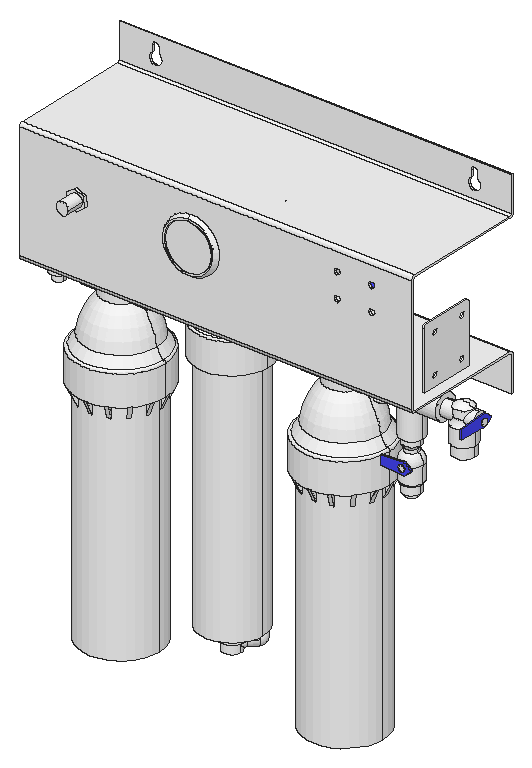
Revit family "QF-Water_Processor-OptiPure-BWS100", category Specialty Equipment, Revit 2017
Family settings
  Round Connector Dimension = Use Diameter
  Part Type = Normal
  OmniClass Number = 23.40.40.14
  OmniClass Title = Food Service Equipment
  Work Plane-Based = No
  Always vertical = Yes
  Cut with Voids When Loaded = No
  Shared = No
  Room Calculation Point = No
Parameters (values of type "BWS100")
  Width = 5.92969"
  Weight in Pounds = 25
  URL = "WWW.OPTIPUREWATER.COM"
  Type Comments = "BLENDED WATER REVERSE OSMOSIS"
  Show Clearance [instance] = yes
  Model = "164-00100 - BWS100 SYS"
  Material = Plastic
  Manufacturer = "OPTIPURE"
  Length = 18.26172"
  Keynote = "11400"
  Indirect Waste Size = 1/4"
  Indirect Waste Flow = 2 GPM
  Height = 20.21875"
  Filtered Water Supply Size = 3/8"
  Filtered Water Flow = 0.05 GPM
  Feed Temperature Range = "40-100° F"
  Cold Water Size = 3/8"
  Cold Water Minimum Pressure = 50.00 psi
  Cold Water Maximum Pressure = 85.00 psi
  Body Material = Mounting
  Description = "WATER FILTRATION SYSTEM"
  Clearance Material = Clearance
  Assembly Code = "E1090300"
Reference planes (in)
  plane 1 "Center (Front/Back)": y = 0
  plane 2: z = 0
  plane 3 "Center (Left/Right)": x = 0
  plane 4: x = -8.90625
  plane 5: x = 9.35375
  plane 6 "Front": y = -5.93
  plane 7: z = 23.21875
  plane 8: z = 3
Forms (in)
  Extrusion 1, solid, material "Plastic" <- "Material", not visible
    sketch origin (-22.52026, -6.16692, 0) x (0, -1, 0) y (0, 0, 1)
      loop
        line (-2.02602, 11.22289) -> (-2.38405, 11.22289) -> (-2.38405, 10.47289) -> (-2.02602, 11.22289)
    from -6.84938 to -6.71859
  Extrusion 2, solid, material "Mounting" <- "Body Material"
    sketch origin (1.57341, -0.75, 11.85447) x (0, 1, 0) y (0, 0, 1)
      loop
        line (-0.54289, 7.35434) -> (-0.42523, 7.31214)
        arc (-0.42523, 7.31214) -> (-0.48129, 8.57875) -> (-1.40955, 9.44234) r 1.67301
        line (-1.40955, 9.44234) -> (-1.40955, 9.71318) -> (-0.85486, 9.71318) -> (-0.85486, 9.81474) -> (-3.14514, 9.81474) -> (-3.14514, 9.71318) -> (-2.59045, 9.71318) -> (-2.59045, 9.44234)
        arc (-2.59045, 9.44234) -> (-3.51871, 8.57875) -> (-3.57477, 7.31214) r 1.67301
        line (-3.57477, 7.31214) -> (-3.45711, 7.35434)
        arc (-3.45711, 7.35434) -> (-2, 9.425) -> (-0.54289, 7.35434) r 1.54801
      loop
        line (-1.51111, 9.47697) -> (-1.51111, 9.71318) -> (-2.48889, 9.71318) -> (-2.48889, 9.47697)
        arc (-2.48889, 9.47697) -> (-2, 9.55) -> (-1.51111, 9.47697) r 1.67301
    from -0.80957 to 0.16991
  Extrusion 3, solid, material "Mounting" <- "Body Material"
    sketch origin (16.84879, 0.125, 42.49672) x (0, 0, -1) y (0, 1, 0)
      loop
        line (20.90954, -5.255) -> (25.64391, -5.255)
        arc (25.64391, -5.255) -> (25.73782, -5.2161) -> (25.77672, -5.12219) r 0.13281
        line (25.77672, -5.12219) -> (25.77672, -0.25781)
        arc (25.77672, -0.25781) -> (25.80075, -0.19981) -> (25.85875, -0.17578) r 0.08203
        line (25.85875, -0.17578) -> (27.27797, -0.17578) -> (27.27797, -0.125) -> (25.85875, -0.125)
        arc (25.85875, -0.125) -> (25.76484, -0.1639) -> (25.72594, -0.25781) r 0.13281
        line (25.72594, -0.25781) -> (25.72594, -5.12219)
        arc (25.72594, -5.12219) -> (25.70192, -5.18019) -> (25.64391, -5.20422) r 0.08203
        line (25.64391, -5.20422) -> (20.90954, -5.20422)
        arc (20.90954, -5.20422) -> (20.85153, -5.18019) -> (20.8275, -5.12219) r 0.08203
        line (20.8275, -5.12219) -> (20.8275, -0.25895)
        arc (20.8275, -0.25895) -> (20.78827, -0.16423) -> (20.69355, -0.125) r 0.13395
        line (20.69355, -0.125) -> (19.27797, -0.125) -> (19.27797, -0.17578) -> (20.69355, -0.17578)
        arc (20.69355, -0.17578) -> (20.75236, -0.20014) -> (20.77672, -0.25895) r 0.08317
        line (20.77672, -0.25895) -> (20.77672, -5.12219)
        arc (20.77672, -5.12219) -> (20.81562, -5.2161) -> (20.90954, -5.255) r 0.13281
    from -24.84879 to -8.84879
  Extrusion 4, void
    sketch origin (0, 0, 3.51687) x (1, 0, 0) y (0, 0, 1)
      loop
        arc (6.62522, 19.33718) -> (6.50006, 19.46233) -> (6.37491, 19.33718) r 0.12515
        line (6.37491, 19.33718) -> (6.37491, 19.05325)
        arc (6.37491, 19.05325) -> (6.49993, 18.58621) -> (6.62522, 19.05318) r 0.25027
        line (6.62522, 19.05318) -> (6.62522, 19.33718)
      loop
        line (-6.62522, 19.33718) -> (-6.62522, 19.05318)
        arc (-6.62522, 19.05318) -> (-6.49993, 18.58621) -> (-6.37491, 19.05325) r 0.25027
        line (-6.37491, 19.05325) -> (-6.37491, 19.33718)
        arc (-6.37491, 19.33718) -> (-6.50006, 19.46233) -> (-6.62522, 19.33718) r 0.12515
      loop
        arc (1.12522, 12.7041) -> (1.00006, 12.82925) -> (0.87491, 12.7041) r 0.12515
        line (0.87491, 12.7041) -> (0.87491, 12.42017)
        arc (0.87491, 12.42017) -> (0.99993, 11.95312) -> (1.12522, 12.4201) r 0.25027
        line (1.12522, 12.4201) -> (1.12522, 12.7041)
    from 0 to 0.05078
  Revolve 5, solid, material "Mounting" <- "Body Material"
    sketch origin (1.94841, -2.75, 12.11405) x (1, 0, 0) y (0, 0, 1)
      loop
        line (-1.84673, 8.91345) -> (-1.84673, 7.62699) -> (1.20435, 7.62699) -> (1.20435, 8.62395)
        arc (1.20435, 8.62395) -> (1.16774, 8.71234) -> (1.07935, 8.74895) r 0.125
        line (1.07935, 8.74895) -> (0.60037, 8.74895)
        arc (0.60037, 8.74895) -> (0.55186, 8.86605) -> (0.43477, 8.91455) r 0.1656
        arc (0.43477, 8.91455) -> (0.36187, 9.09055) -> (0.18587, 9.16345) r 0.2489
        line (0.18587, 9.16345) -> (-1.59673, 9.16345)
        arc (-1.59673, 9.16345) -> (-1.77351, 9.09023) -> (-1.84673, 8.91345) r 0.25
      axis (1.20435, 7.62699) -> (-1.84673, 7.62699)
    angle from 0 to 360
  Extrusion 6, solid, material "Mounting" <- "Body Material"
    sketch origin (1.94841, -0.75, 12.11405) x (0, 1, 0) y (0, 0, 1)
      loop
        line (-2.06846, 8.61449) -> (-1.94525, 8.61449) -> (-1.94525, 9.12953)
        arc (-1.94525, 9.12953) -> (-2.00685, 9.13079) -> (-2.06846, 9.12953) r 1.5
        line (-2.06846, 9.12953) -> (-2.06846, 8.61449)
      loop
        line (-1.64475, 8.5509) -> (-1.53309, 8.49883) -> (-1.31543, 8.96561)
        arc (-1.31543, 8.96561) -> (-1.37072, 8.99279) -> (-1.42709, 9.01768) r 1.5
        line (-1.42709, 9.01768) -> (-1.64475, 8.5509)
      loop
        line (-1.28763, 8.3142) -> (-1.20843, 8.21982) -> (-0.81389, 8.55088)
        arc (-0.81389, 8.55088) -> (-0.85252, 8.59889) -> (-0.89308, 8.64526) r 1.5
        line (-0.89308, 8.64526) -> (-1.28763, 8.3142)
      loop
        line (-1.06399, 7.94875) -> (-1.0321, 7.82975) -> (-0.53461, 7.96305)
        arc (-0.53461, 7.96305) -> (-0.54933, 8.02288) -> (-0.5665, 8.08205) r 1.5
        line (-0.5665, 8.08205) -> (-1.06399, 7.94875)
      loop
        line (-1.01575, 7.52303) -> (-1.03714, 7.4017) -> (-0.52993, 7.31226)
        arc (-0.52993, 7.31226) -> (-0.51799, 7.37271) -> (-0.50854, 7.4336) r 1.5
        line (-0.50854, 7.4336) -> (-1.01575, 7.52303)
      loop
        line (-1.15195, 7.11681) -> (-1.22262, 7.01589) -> (-0.80072, 6.72047)
        arc (-0.80072, 6.72047) -> (-0.76435, 6.77021) -> (-0.73005, 6.8214) r 1.5
        line (-0.73005, 6.8214) -> (-1.15195, 7.11681)
      loop
        line (-1.44706, 6.80621) -> (-1.55376, 6.74461) -> (-1.29624, 6.29857)
        arc (-1.29624, 6.29857) -> (-1.24226, 6.32827) -> (-1.18954, 6.36017) r 1.5
        line (-1.18954, 6.36017) -> (-1.44706, 6.80621)
      loop
        line (-2.36895, 8.5509) -> (-2.58662, 9.01768)
        arc (-2.58662, 9.01768) -> (-2.64298, 8.99279) -> (-2.69828, 8.96561) r 1.5
        line (-2.69828, 8.96561) -> (-2.48061, 8.49883) -> (-2.36895, 8.5509)
      loop
        line (-2.72608, 8.3142) -> (-3.12062, 8.64526)
        arc (-3.12062, 8.64526) -> (-3.16119, 8.59889) -> (-3.19982, 8.55088) r 1.5
        line (-3.19982, 8.55088) -> (-2.80527, 8.21982) -> (-2.72608, 8.3142)
      loop
        line (-2.94972, 7.94875) -> (-3.44721, 8.08205)
        arc (-3.44721, 8.08205) -> (-3.46437, 8.02288) -> (-3.4791, 7.96305) r 1.5
        line (-3.4791, 7.96305) -> (-2.98161, 7.82975) -> (-2.94972, 7.94875)
      loop
        line (-2.99796, 7.52303) -> (-3.50517, 7.4336)
        arc (-3.50517, 7.4336) -> (-3.49572, 7.37271) -> (-3.48378, 7.31226) r 1.5
        line (-3.48378, 7.31226) -> (-2.97656, 7.4017) -> (-2.99796, 7.52303)
      loop
        line (-2.86176, 7.11681) -> (-3.28365, 6.8214)
        arc (-3.28365, 6.8214) -> (-3.24936, 6.77021) -> (-3.21299, 6.72047) r 1.5
        line (-3.21299, 6.72047) -> (-2.79109, 7.01589) -> (-2.86176, 7.11681)
      loop
        line (-2.56664, 6.80621) -> (-2.82416, 6.36017)
        arc (-2.82416, 6.36017) -> (-2.77145, 6.32827) -> (-2.71747, 6.29857) r 1.5
        line (-2.71747, 6.29857) -> (-2.45995, 6.74461) -> (-2.56664, 6.80621)
      loop
        line (-2.06846, 6.63971) -> (-2.06846, 6.12467)
        arc (-2.06846, 6.12467) -> (-2.00685, 6.1234) -> (-1.94525, 6.12467) r 1.5
        line (-1.94525, 6.12467) -> (-1.94525, 6.63971) -> (-2.06846, 6.63971)
    from 0 to 1.20713
  Revolve 7, void
    sketch origin (1.94841, -2.74564, 12.11405) x (1, 0, 0) y (0, 0, 1)
      loop
        line (1.23407, 9.16034) -> (0.93369, 9.16034)
        arc (0.93369, 9.16034) -> (1.14609, 9.07236) -> (1.23407, 8.85995) r 0.30038
        line (1.23407, 8.85995) -> (1.23407, 9.16034)
      axis (1.23407, 7.6271) -> (0.93369, 7.6271)
    angle from 0 to 360
  Extrusion 8, solid, material "Mounting" <- "Body Material"
    sketch origin (1.9442, -0.79688, 12.08009) x (0, 1, 0) y (0, 0, 1)
      loop
        line (-1.44233, 8.43523) -> (-1.9253, 8.56464) -> (-2.27885, 8.21109) -> (-2.14944, 7.72813) -> (-1.66648, 7.59872) -> (-1.31292, 7.95227) -> (-1.44233, 8.43523)
    from 1.20713 to 1.40425
  Revolve 9, solid, material "Mounting" <- "Body Material"
    sketch origin (1.9442, -2.578, 13.19284) x (1, 0, 0) y (0, 0, 1)
      loop
        line (1.51419, 6.96604) -> (1.51419, 7.13669) -> (1.45422, 7.13669) -> (1.45422, 7.08173) -> (1.40425, 7.08173) -> (1.40425, 6.96604) -> (1.51419, 6.96604)
      axis (1.40425, 6.96604) -> (1.51419, 6.96604)
    angle from 0 to 360
  Extrusion 10, solid, material "Mounting" <- "Body Material"
    sketch origin (1.9442, -1.14453, 11.20295) x (0, 1, 0) y (0, 0, 1)
      loop
        line (-1.44233, 8.43523) -> (-1.9253, 8.56464) -> (-2.27885, 8.21109) -> (-2.14944, 7.72813) -> (-1.66648, 7.59872) -> (-1.31292, 7.95227) -> (-1.44233, 8.43523)
    from 1.20713 to 1.40425
  Revolve 11, solid, material "Mounting" <- "Body Material"
    sketch origin (1.9442, -2.93645, 12.30379) x (1, 0, 0) y (0, 0, 1)
      loop
        line (1.51419, 6.96604) -> (1.51419, 7.13669) -> (1.45422, 7.13669) -> (1.45422, 7.09104) -> (1.40425, 7.09104) -> (1.40425, 6.96604) -> (1.51419, 6.96604)
      axis (1.40425, 6.96604) -> (1.51419, 6.96604)
    angle from 0 to 360
  Revolve 12, solid, material "Plastic" <- "Material"
    sketch origin (12.44784, -3.12266, 5.47904) x (1, 0, 0) y (0, 0, 1)
      loop
        line (-6.06595, 9.48579) -> (-6.40275, 9.48579)
        arc (-6.40275, 9.48579) -> (-6.32797, 9.28444) -> (-6.30257, 9.07116) r 0.90815
        line (-6.30257, 9.07116) -> (-6.36949, 9.07116) -> (-6.36949, 9.02392) -> (-6.42656, 9.02392) -> (-6.42656, 8.75806) -> (-6.3221, 8.62115) -> (-6.32627, 8.47933)
        arc (-6.32627, 8.47933) -> (-6.48073, 8.29859) -> (-6.51822, 8.06381) r 0.43873
        line (-6.51822, 8.06381) -> (-6.51822, 7.39967)
        arc (-6.51822, 7.39967) -> (-6.48252, 7.35745) -> (-6.43069, 7.3382) r 0.10892
        line (-6.43069, 7.3382) -> (-6.43069, 7.00309) -> (-6.32123, 7.00309) -> (-6.32123, 6.85421) -> (-6.06595, 6.85421) -> (-6.06595, 9.48579)
      axis (-6.06595, 6.85421) -> (-6.06595, 9.48579)
    angle from 0 to 360
  Revolve 13, solid, material "Plastic" <- "Material"
    sketch origin (14.60832, -3.12266, 6.73331) x (1, 0, 0) y (0, 0, 1)
      loop
        line (-6.39115, 7.77109) -> (-6.09583, 7.77109) -> (-6.09583, 9.76617)
        arc (-6.09583, 9.76617) -> (-6.30926, 9.71458) -> (-6.48219, 9.57926) r 0.51841
        line (-6.48219, 9.57926) -> (-6.48219, 9.2689)
        arc (-6.48219, 9.2689) -> (-6.51031, 9.10437) -> (-6.59147, 8.95853) r 0.49534
        line (-6.59147, 8.95853) -> (-6.59147, 8.30167) -> (-6.53142, 8.30167) -> (-6.53142, 7.85116) -> (-6.39115, 7.85116) -> (-6.39115, 7.77109)
      axis (-6.09583, 7.77109) -> (-6.09583, 9.76617)
    angle from 0 to 360
  Revolve 14, solid, material "Plastic" <- "Material"
    sketch origin (-17.08484, -3.12266, 9.90304) x (0, 0, -1) y (1, 0, 0)
      loop
        line (-6.39115, 8.17859) -> (-6.09583, 8.17859) -> (-6.09583, 10.26861) -> (-6.42072, 10.26861)
        arc (-6.42072, 10.26861) -> (-6.38824, 10.1794) -> (-6.37176, 10.0859) r 0.54394
        line (-6.37176, 10.0859) -> (-6.37176, 9.9032)
        arc (-6.37176, 9.9032) -> (-6.43056, 9.85742) -> (-6.48219, 9.80368) r 0.51841
        line (-6.48219, 9.80368) -> (-6.48219, 9.74331)
        arc (-6.48219, 9.74331) -> (-6.51031, 9.57879) -> (-6.59147, 9.43295) r 0.49534
        line (-6.59147, 9.43295) -> (-6.59147, 8.70917) -> (-6.53142, 8.70917) -> (-6.53142, 8.39538) -> (-6.41459, 8.39538) -> (-6.41459, 8.31335) -> (-6.31962, 8.31335) -> (-6.31962, 8.24499) -> (-6.39115, 8.24499) -> (-6.39115, 8.17859)
      axis (-6.09583, 8.17859) -> (-6.09583, 10.26861)
    angle from 0 to 360
  Extrusion 15, solid, material "Plastic" <- "Material"
    sketch origin (0, 0.375, 2.12625) x (1, 0, 0) y (0, 0, 1)
      loop
        line (6.4182, 11.66647) -> (5.56297, 11.6011) -> (5.56297, 11.2301) -> (6.42309, 11.18016)
        arc (6.42309, 11.18016) -> (6.54251, 11.19572) -> (6.64464, 11.25954) r 0.2829
        line (6.64464, 11.25954) -> (6.78502, 11.3965)
        arc (6.78502, 11.3965) -> (6.79793, 11.42634) -> (6.78502, 11.45618) r 0.04094
        line (6.78502, 11.45618) -> (6.64131, 11.59112)
        arc (6.64131, 11.59112) -> (6.53743, 11.65152) -> (6.4182, 11.66647) r 0.30096
      loop
        circle (6.4182, 11.41354) r 0.125
    from 4.07893 to 4.00915
  Extrusion 16, solid, material "Plastic" <- "Material"
    sketch origin (0, 0.375, 2.12625) x (1, 0, 0) y (0, 0, 1)
      loop
        circle (6.4182, 11.41354) r 0.125
    from 3.88261 to 4.07893
  Extrusion 17, solid, material "Plastic" <- "Material"
    sketch origin (15.25, 0.375, 32.00557) x (0, 0, -1) y (0, 1, 0)
      loop
        circle (16.0067, -3.49766) r 0.56667
    from -22.06623 to -19.375
  Extrusion 18, solid, material "Plastic" <- "Material"
    sketch origin (24.5, 0.375, 32.00557) x (0, 0, -1) y (0, 1, 0)
      loop
        circle (16.0067, -3.49766) r 0.56667
    from -22.28939 to -20
  Revolve 19, solid, material "Plastic" <- "Material"
    sketch origin (181.02326, -2.93803, 15.99888) x (0, -1, 0) y (1, 0, 0)
      loop
        arc (0.51961, -178.98471) -> (0.53939, -178.90946) -> (0.59467, -178.8547) r 0.1477
        arc (0.59467, -178.8547) -> (0.61271, -178.837) -> (0.61948, -178.81265) r 0.04883
        line (0.61948, -178.81265) -> (0.18462, -178.81265) -> (0.18462, -178.98471) -> (0.51961, -178.98471)
      axis (0.18462, -178.81265) -> (0.18462, -178.98471)
    angle from 0 to 360
  Revolve 20, solid, material "Plastic" <- "Material"
    sketch origin (181.02326, -2.96057, 15.99888) x (0, -1, 0) y (1, 0, 0)
      loop
        arc (-0.40635, -179.83334) -> (-0.35163, -179.77814) -> (-0.27649, -179.75827) r 0.14803
        line (-0.27649, -179.75827) -> (-0.27649, -179.42329) -> (-1.10299, -179.42329) -> (-1.10299, -179.85836) -> (-0.44969, -179.85836)
        arc (-0.44969, -179.85836) -> (-0.42461, -179.85175) -> (-0.40635, -179.83334) r 0.04934
      axis (-0.27649, -179.42329) -> (-1.10299, -179.42329)
    angle from 0 to 360
  Revolve 21, solid, material "Plastic" <- "Material"
    sketch origin (1.59997, 176.30063, 15.83679) x (0, 0, 1) y (0, -1, 0)
      loop
        arc (0.49707, 179.42329) -> (0.39895, 179.66016) -> (0.16209, 179.75827) r 0.33498
        line (0.16209, 179.75827) -> (0.16209, 179.42329) -> (0.49707, 179.42329)
      axis (0.16209, 179.42329) -> (0.16209, 179.75827)
    angle from 0 to 180
  Extrusion 22, solid, material "Plastic" <- "Material"
    sketch origin (1.59997, -3.12266, 15.99888) x (-1, 0, 0) y (0, 0, -1)
      loop
        circle (0, 0) r 0.33498
    from 0 to -0.43858
  Extrusion 23, solid, material "Plastic" <- "Material"
    sketch origin (2.03854, -3.12266, 15.99888) x (0, 0, -1) y (0, -1, 0)
      loop
        circle (0, 0) r 0.33498
    from 0 to 0.43858
  Revolve 24, solid, material "Plastic" <- "Material"
    sketch origin (-182.93765, -2.93803, 15.99888) x (0, -1, 0) y (1, 0, 0)
      loop
        line (0.51961, 178.98471) -> (0.18462, 178.98471) -> (0.18462, 178.81265) -> (0.61948, 178.81265)
        arc (0.61948, 178.81265) -> (0.61271, 178.837) -> (0.59467, 178.8547) r 0.04883
        arc (0.59467, 178.8547) -> (0.53939, 178.90946) -> (0.51961, 178.98471) r 0.1477
      axis (0.18462, 178.81265) -> (0.18462, 178.98471)
    angle from 0 to 360
  Revolve 25, solid, material "Plastic" <- "Material"
    sketch origin (-182.93765, -2.96057, 15.99888) x (0, -1, 0) y (1, 0, 0)
      loop
        arc (-0.40635, 179.83334) -> (-0.42461, 179.85175) -> (-0.44969, 179.85836) r 0.04934
        line (-0.44969, 179.85836) -> (-1.10299, 179.85836) -> (-1.10299, 179.42329) -> (-0.27649, 179.42329) -> (-0.27649, 179.75827)
        arc (-0.27649, 179.75827) -> (-0.35163, 179.77814) -> (-0.40635, 179.83334) r 0.14803
      axis (-0.27649, 179.42329) -> (-1.10299, 179.42329)
    angle from 0 to 360
  Revolve 26, solid, material "Plastic" <- "Material"
    sketch origin (-3.51436, 176.30063, 15.83679) x (0, 0, 1) y (0, 1, 0)
      loop
        line (0.49707, -179.42329) -> (0.16209, -179.42329) -> (0.16209, -179.75827)
        arc (0.16209, -179.75827) -> (0.39895, -179.66016) -> (0.49707, -179.42329) r 0.33498
      axis (0.16209, -179.42329) -> (0.16209, -179.75827)
    angle from 0 to 180
  Extrusion 27, solid, material "Plastic" <- "Material"
    sketch origin (-3.51436, -3.12266, 15.99888) x (1, 0, 0) y (0, 0, 1)
      loop
        circle (0, 0) r 0.33498
    from 0 to -0.43858
  Extrusion 28, solid, material "Plastic" <- "Material"
    sketch origin (-3.95294, -3.12266, 15.99888) x (0, -1, 0) y (0, 0, -1)
      loop
        circle (0, 0) r 0.33498
    from 0 to 0.43858
  Extrusion 29, solid, material "Plastic" <- "Material"
    sketch origin (27.32529, 0.375, 32.00557) x (0, 0, -1) y (0, 1, 0)
      loop
        circle (16.0067, -3.49766) r 0.49564
    from -22.4427 to -19.57529
  Extrusion 30, solid, material "Plastic" <- "Material"
    sketch origin (29.15827, 0.375, 32.00167) x (0, 0, -1) y (0, 1, 0)
      loop
        circle (16.0067, -3.49766) r 0.32276
    from -21.40827 to -20.01318
  Extrusion 31, solid, material "Plastic" <- "Material"
    sketch origin (25.40827, 0.375, 32.00167) x (0, 0, -1) y (0, 1, 0)
      loop
        circle (16.0067, -3.49766) r 0.32276
    from -20.90827 to -20.52569
  Revolve 32, solid, material "Plastic" <- "Material"
    sketch origin (12.47691, -3.12266, 6.74113) x (1, 0, 0) y (0, 0, 1)
      loop
        line (-6.56022, 7.76188) -> (-6.09583, 7.76188) -> (-6.09583, 9.21634) -> (-6.56022, 9.21634) -> (-6.56022, 7.76188)
      axis (-6.09583, 7.76188) -> (-6.09583, 9.21634)
    angle from 0 to 360
  Revolve 33, solid, material "Plastic" <- "Material"
    sketch origin (-120.54804, -135.72976, 4.53794) x (0.743145, -0.669131, 0) y (0.669131, 0.743145, 0)
      loop
        arc (-0.40635, 179.83334) -> (-0.42461, 179.85175) -> (-0.44969, 179.85836) r 0.04934
        line (-0.44969, 179.85836) -> (-1.10299, 179.85836) -> (-1.10299, 179.42329) -> (-0.27649, 179.42329) -> (-0.27649, 179.75827)
        arc (-0.27649, 179.75827) -> (-0.35163, 179.77814) -> (-0.40635, 179.83334) r 0.14803
      axis (-0.27649, 179.42329) -> (-1.10299, 179.42329)
    angle from 0 to 360
  Revolve 34, solid, material "Plastic" <- "Material"
    sketch origin (-133.70746, 117.5569, 4.37585) x (0, 0, 1) y (-0.743145, 0.669131, 0)
      loop
        line (0.49707, -179.42329) -> (0.16209, -179.42329) -> (0.16209, -179.75827)
        arc (0.16209, -179.75827) -> (0.39895, -179.66016) -> (0.49707, -179.42329) r 0.33498
      axis (0.16209, -179.42329) -> (0.16209, -179.75827)
    angle from 0 to 180
  Extrusion 35, solid, material "Plastic" <- "Material"
    sketch origin (-0.36997, -2.50072, 4.53794) x (0.669131, 0.743145, 0) y (0, 0, 1)
      loop
        circle (0, 0) r 0.33498
    from 0 to -0.43858
  Extrusion 36, solid, material "Plastic" <- "Material"
    sketch origin (-0.66344, -2.82665, 4.53794) x (0.743145, -0.669131, 0) y (0, 0, -1)
      loop
        circle (0, 0) r 0.33498
    from 0 to 0.43858
  Extrusion 37, solid, material "Plastic" <- "Material"
    sketch origin (-1.07203, -3.28044, 4.53794) x (0.743145, -0.669131, 0) y (0, 0, -1)
      loop
        circle (0, 0) r 0.35673
    from 0 to 0.61064
  Revolve 38, solid, material "Plastic" <- "Material"
    sketch origin (-3.67725, -182.54595, 15.99891) x (1, 0, 0) y (0, 1, 0)
      loop
        arc (0.49707, 179.42329) -> (0.39895, 179.66016) -> (0.16209, 179.75827) r 0.33498
        line (0.16209, 179.75827) -> (0.16209, 179.42329) -> (0.49707, 179.42329)
      axis (0.16209, 179.42329) -> (0.16209, 179.75827)
    angle from 0 to 180
  Extrusion 39, solid, material "Plastic" <- "Material"
    sketch origin (5.21145, -9.54086, 4.58018) x (0, 1, 0) y (0, 0, 1)
      loop
        circle (6.4182, 11.41479) r 0.125
    from 3.93364 to 4.1423
  Extrusion 40, solid, material "Plastic" <- "Material"
    sketch origin (5.21145, -9.54086, 4.58018) x (0, 1, 0) y (0, 0, 1)
      loop
        line (6.4182, 11.66772) -> (5.33851, 11.58395) -> (5.33851, 11.24314) -> (6.42309, 11.18016)
        arc (6.42309, 11.18016) -> (6.54251, 11.19572) -> (6.64464, 11.25954) r 0.2829
        line (6.64464, 11.25954) -> (6.78502, 11.39775)
        arc (6.78502, 11.39775) -> (6.79793, 11.42759) -> (6.78502, 11.45743) r 0.04094
        line (6.78502, 11.45743) -> (6.64131, 11.59237)
        arc (6.64131, 11.59237) -> (6.53743, 11.65277) -> (6.4182, 11.66772) r 0.30096
      loop
        circle (6.4182, 11.41479) r 0.125
    from 4.07893 to 4.00915
  Extrusion 41, solid, material "Plastic" <- "Material"
    sketch origin (60.34884, -5.13, 51.2825) x (1, 0, 0) y (0, 0, 1)
      loop
        line (-65.65016, -31.27087) -> (-66.01379, -31.10731) -> (-66.33737, -31.34037) -> (-66.29734, -31.73724) -> (-65.93358, -31.90092) -> (-65.61, -31.66773) -> (-65.65016, -31.27087)
    from 0 to 0.1016
  Extrusion 42, solid, material "Plastic" <- "Material"
    sketch origin (60.34884, -5.13, 51.2825) x (1, 0, 0) y (0, 0, 1)
      loop
        circle (-65.97384, -31.50401) r 0.24432
    from 0.1016 to 0.8
  Extrusion 43, void
    sketch origin (-0.625, -5, 3.07937) x (1, 0, 0) y (0, 0, 1)
      loop
        circle (7, 17.76563) r 0.125
      loop
        circle (5.59375, 17.76563) r 0.125
      loop
        circle (7, 16.76563) r 0.125
      loop
        circle (5.59375, 16.76563) r 0.125
    from 0.07922 to 0.13
  Revolve 44, solid, material "Mounting"
    sketch origin (-1, 1.62014, 35.13142) x (0, 0, -1) y (0, 1, 0)
      loop
        line (14.28642, -6.75014) -> (14.38604, -6.92269) -> (14.46366, -6.92269) -> (14.46366, -6.75014) -> (14.28642, -6.75014)
      axis (15.41142, -6.75014) -> (15.41142, -6.92269)
    angle from 0 to 360
  Extrusion 45, solid, material "Mounting"
    sketch origin (-1, 1.62014, 5.89587) x (1, 0, 0) y (0, 0, 1)
      loop
        circle (0, 13.82413) r 0.94775
    from 5.80494 to 6.908
  Revolve 46, solid, material "Plastic" <- "Material"
    sketch origin (4.152, -3.17592, 1.56293) x (1, 0, 0) y (0, 0, 1)
      loop
        line (-0.4645, 1.43707) -> (1.10652, 1.43707) -> (1.10652, 10.81621) -> (1.35323, 10.81621) -> (1.35323, 12.04603)
        arc (1.35323, 12.04603) -> (1.32499, 12.11422) -> (1.2568, 12.14246) r 0.09643
        line (1.2568, 12.14246) -> (0.99833, 12.53406)
        arc (0.99833, 12.53406) -> (0.76477, 13.33167) -> (0.29508, 14.01732) r 2.64313
        line (0.29508, 14.01732) -> (0.29508, 15.77438)
        arc (0.29508, 15.77438) -> (0.26521, 15.8465) -> (0.19309, 15.87637) r 0.10199
        line (0.19309, 15.87637) -> (0.10018, 15.87637) -> (0.10018, 16.54648)
        arc (0.10018, 16.54648) -> (0.07197, 16.6146) -> (0.00384, 16.64282) r 0.09634
        line (0.00384, 16.64282) -> (-0.4645, 16.64282) -> (-0.4645, 1.43707)
      axis (-0.4645, 1.43707) -> (-0.4645, 16.64282)
    angle from 0 to 360
  Revolve 47, solid, material "Plastic" <- "Material"
    sketch origin (-5.902, -3.17592, 1.56293) x (-1, 0, 0) y (0, 0, -1)
      loop
        line (-0.4645, -1.43707) -> (-0.4645, -16.64282) -> (0.00384, -16.64282)
        arc (0.00384, -16.64282) -> (0.07197, -16.6146) -> (0.10018, -16.54648) r 0.09634
        line (0.10018, -16.54648) -> (0.10018, -15.87637) -> (0.19309, -15.87637)
        arc (0.19309, -15.87637) -> (0.26521, -15.8465) -> (0.29508, -15.77438) r 0.10199
        line (0.29508, -15.77438) -> (0.29508, -14.01732)
        arc (0.29508, -14.01732) -> (0.76477, -13.33167) -> (0.99833, -12.53406) r 2.64313
        line (0.99833, -12.53406) -> (1.2568, -12.14246)
        arc (1.2568, -12.14246) -> (1.32499, -12.11422) -> (1.35323, -12.04603) r 0.09643
        line (1.35323, -12.04603) -> (1.35323, -10.81621) -> (1.10652, -10.81621) -> (1.10652, -1.43707) -> (-0.4645, -1.43707)
      axis (-0.4645, -1.43707) -> (-0.4645, -16.64282)
    angle from 0 to 360
  Revolve 48, solid, material "Plastic" <- "Material"
    sketch origin (-0.44175, -3.17592, 2.25043) x (1, 0, 0) y (0, 0, 1)
      loop
        line (-0.4645, 1.89144) -> (-0.10052, 1.89144) -> (-0.10052, 2.35852) -> (0.10392, 2.35852) -> (0.10392, 2.66758) -> (0.80194, 2.81715) -> (0.80194, 12.69268) -> (1.01128, 12.69268) -> (1.01128, 13.92315)
        arc (1.01128, 13.92315) -> (0.99393, 13.97814) -> (0.94817, 14.01322) r 0.09583
        line (0.94817, 14.01322) -> (0.76308, 14.08046)
        arc (0.76308, 14.08046) -> (0.74426, 14.09314) -> (0.7336, 14.11318) r 0.04688
        line (0.7336, 14.11318) -> (0.65629, 14.42335)
        arc (0.65629, 14.42335) -> (0.63967, 14.44895) -> (0.61081, 14.45889) r 0.04688
        line (0.61081, 14.45889) -> (0.29334, 14.45889) -> (0.29334, 15.03429)
        arc (0.29334, 15.03429) -> (0.27961, 15.06744) -> (0.24646, 15.08116) r 0.04688
        line (0.24646, 15.08116) -> (-0.04955, 15.08116) -> (-0.05077, 15.86019)
        arc (-0.05077, 15.86019) -> (-0.0645, 15.89334) -> (-0.09765, 15.90707) r 0.04688
        line (-0.09765, 15.90707) -> (-0.4645, 15.90707) -> (-0.4645, 1.89144)
      axis (-0.4645, 1.89144) -> (-0.4645, 15.90707)
    angle from 0 to 360
  Extrusion 49, solid, material "Plastic" <- "Material"
    sketch origin (-12.22149, -7.01967, 1.15625) x (0, -1, 0) y (0, 0, 1)
      loop
        line (-2.02602, 11.22289) -> (-2.38405, 11.22289) -> (-2.38405, 10.47289) -> (-2.02602, 11.22289)
    from -6.84938 to -6.71859
  Extrusion 50, solid, material "Plastic" <- "Material"
    sketch origin (-13.19837, -3.92806, 1.15625) x (-0.406737, -0.913545, 0) y (0, 0, 1)
      loop
        line (-2.02602, 11.22289) -> (-2.38405, 11.22289) -> (-2.38405, 10.47289) -> (-2.02602, 11.22289)
    from -6.84938 to -6.71859
  Extrusion 51, solid, material "Plastic" <- "Material"
    sketch origin (-10.07159, -9.44665, 1.15625) x (0.406737, -0.913545, 0) y (0, 0, 1)
      loop
        line (-2.02602, 11.22289) -> (-2.38405, 11.22289) -> (-2.38405, 10.47289) -> (-2.02602, 11.22289)
    from -6.84938 to -6.71859
  Extrusion 52, solid, material "Plastic" <- "Material"
    sketch origin (-7.12041, -10.78937, 1.15625) x (0.743145, -0.669131, 0) y (0, 0, 1)
      loop
        line (-2.02602, 11.22289) -> (-2.38405, 11.22289) -> (-2.38405, 10.47289) -> (-2.02602, 11.22289)
    from -6.84938 to -6.71859
  Extrusion 53, solid, material "Plastic" <- "Material"
    sketch origin (-3.87824, -10.81566, 1.15625) x (0.951057, -0.309017, 0) y (0, 0, 1)
      loop
        line (-2.02602, 11.22289) -> (-2.38405, 11.22289) -> (-2.38405, 10.47289) -> (-2.02602, 11.22289)
    from -6.84938 to -6.71859
  Extrusion 54, solid, material "Plastic" <- "Material"
    sketch origin (-0.90569, -9.52096, 1.15625) x (0.994522, 0.104528, 0) y (0, 0, 1)
      loop
        line (-2.02602, 11.22289) -> (-2.38405, 11.22289) -> (-2.38405, 10.47289) -> (-2.02602, 11.22289)
    from -6.84938 to -6.71859
  Extrusion 55, solid, material "Plastic" <- "Material"
    sketch origin (1.28328, -7.12915, 1.15625) x (0.866025, 0.5, 0) y (0, 0, 1)
      loop
        line (-2.02602, 11.22289) -> (-2.38405, 11.22289) -> (-2.38405, 10.47289) -> (-2.02602, 11.22289)
    from -6.84938 to -6.71859
  Extrusion 56, solid, material "Plastic" <- "Material"
    sketch origin (2.31016, -4.05379, 1.15625) x (0.587785, 0.809017, 0) y (0, 0, 1)
      loop
        line (-2.02602, 11.22289) -> (-2.38405, 11.22289) -> (-2.38405, 10.47289) -> (-2.02602, 11.22289)
    from -6.84938 to -6.71859
  Extrusion 57, solid, material "Plastic" <- "Material"
    sketch origin (1.9974, -0.82663, 1.15625) x (0.207912, 0.978148, 0) y (0, 0, 1)
      loop
        line (-2.02602, 11.22289) -> (-2.38405, 11.22289) -> (-2.38405, 10.47289) -> (-2.02602, 11.22289)
    from -6.84938 to -6.71859
  Extrusion 58, solid, material "Plastic" <- "Material"
    sketch origin (0.39908, 1.99431, 1.15625) x (-0.207912, 0.978148, 0) y (0, 0, 1)
      loop
        line (-2.02602, 11.22289) -> (-2.38405, 11.22289) -> (-2.38405, 10.47289) -> (-2.02602, 11.22289)
    from -6.84938 to -6.71859
  Extrusion 59, solid, material "Plastic" <- "Material"
    sketch origin (-2.20844, 3.92127, 1.15625) x (-0.587785, 0.809017, 0) y (0, 0, 1)
      loop
        line (-2.02602, 11.22289) -> (-2.38405, 11.22289) -> (-2.38405, 10.47289) -> (-2.02602, 11.22289)
    from -6.84938 to -6.71859
  Extrusion 60, solid, material "Plastic" <- "Material"
    sketch origin (-5.37429, 4.62106, 1.15625) x (-0.866025, 0.5, 0) y (0, 0, 1)
      loop
        line (-2.02602, 11.22289) -> (-2.38405, 11.22289) -> (-2.38405, 10.47289) -> (-2.02602, 11.22289)
    from -6.84938 to -6.71859
  Extrusion 61, solid, material "Plastic" <- "Material"
    sketch origin (-8.55107, 3.97269, 1.15625) x (-0.994522, 0.104528, 0) y (0, 0, 1)
      loop
        line (-2.02602, 11.22289) -> (-2.38405, 11.22289) -> (-2.38405, 10.47289) -> (-2.02602, 11.22289)
    from -6.84938 to -6.71859
  Extrusion 62, solid, material "Plastic" <- "Material"
    sketch origin (-11.18949, 2.08825, 1.15625) x (-0.951057, -0.309017, 0) y (0, 0, 1)
      loop
        line (-2.02602, 11.22289) -> (-2.38405, 11.22289) -> (-2.38405, 10.47289) -> (-2.02602, 11.22289)
    from -6.84938 to -6.71859
  Extrusion 63, solid, material "Plastic" <- "Material"
    sketch origin (-12.83334, -0.7064, 1.15625) x (-0.743145, -0.669131, 0) y (0, 0, 1)
      loop
        line (-2.02602, 11.22289) -> (-2.38405, 11.22289) -> (-2.38405, 10.47289) -> (-2.02602, 11.22289)
    from -6.84938 to -6.71859
  Extrusion 64, solid, material "Plastic" <- "Material"
    sketch origin (-3.09649, -7.01967, 1.15625) x (0, -1, 0) y (0, 0, 1)
      loop
        line (-2.02602, 11.22289) -> (-2.38405, 11.22289) -> (-2.38405, 10.47289) -> (-2.02602, 11.22289)
    from -6.84938 to -6.71859
  Extrusion 65, solid, material "Plastic" <- "Material"
    sketch origin (-4.07337, -3.92806, 1.15625) x (-0.406737, -0.913545, 0) y (0, 0, 1)
      loop
        line (-2.02602, 11.22289) -> (-2.38405, 11.22289) -> (-2.38405, 10.47289) -> (-2.02602, 11.22289)
    from -6.84938 to -6.71859
  Extrusion 66, solid, material "Plastic" <- "Material"
    sketch origin (-0.94659, -9.44665, 1.15625) x (0.406737, -0.913545, 0) y (0, 0, 1)
      loop
        line (-2.02602, 11.22289) -> (-2.38405, 11.22289) -> (-2.38405, 10.47289) -> (-2.02602, 11.22289)
    from -6.84938 to -6.71859
  Extrusion 67, solid, material "Plastic" <- "Material"
    sketch origin (2.00459, -10.78937, 1.15625) x (0.743145, -0.669131, 0) y (0, 0, 1)
      loop
        line (-2.02602, 11.22289) -> (-2.38405, 11.22289) -> (-2.38405, 10.47289) -> (-2.02602, 11.22289)
    from -6.84938 to -6.71859
  Extrusion 68, solid, material "Plastic" <- "Material"
    sketch origin (5.24676, -10.81566, 1.15625) x (0.951057, -0.309017, 0) y (0, 0, 1)
      loop
        line (-2.02602, 11.22289) -> (-2.38405, 11.22289) -> (-2.38405, 10.47289) -> (-2.02602, 11.22289)
    from -6.84938 to -6.71859
  Extrusion 69, solid, material "Plastic" <- "Material"
    sketch origin (8.21931, -9.52096, 1.15625) x (0.994522, 0.104528, 0) y (0, 0, 1)
      loop
        line (-2.02602, 11.22289) -> (-2.38405, 11.22289) -> (-2.38405, 10.47289) -> (-2.02602, 11.22289)
    from -6.84938 to -6.71859
  Extrusion 70, solid, material "Plastic" <- "Material"
    sketch origin (10.40828, -7.12915, 1.15625) x (0.866025, 0.5, 0) y (0, 0, 1)
      loop
        line (-2.02602, 11.22289) -> (-2.38405, 11.22289) -> (-2.38405, 10.47289) -> (-2.02602, 11.22289)
    from -6.84938 to -6.71859
  Extrusion 71, solid, material "Plastic" <- "Material"
    sketch origin (11.43516, -4.05379, 1.15625) x (0.587785, 0.809017, 0) y (0, 0, 1)
      loop
        line (-2.02602, 11.22289) -> (-2.38405, 11.22289) -> (-2.38405, 10.47289) -> (-2.02602, 11.22289)
    from -6.84938 to -6.71859
  Extrusion 72, solid, material "Plastic" <- "Material"
    sketch origin (11.1224, -0.82663, 1.15625) x (0.207912, 0.978148, 0) y (0, 0, 1)
      loop
        line (-2.02602, 11.22289) -> (-2.38405, 11.22289) -> (-2.38405, 10.47289) -> (-2.02602, 11.22289)
    from -6.84938 to -6.71859
  Extrusion 73, solid, material "Plastic" <- "Material"
    sketch origin (9.52408, 1.99431, 1.15625) x (-0.207912, 0.978148, 0) y (0, 0, 1)
      loop
        line (-2.02602, 11.22289) -> (-2.38405, 11.22289) -> (-2.38405, 10.47289) -> (-2.02602, 11.22289)
    from -6.84938 to -6.71859
  Extrusion 74, solid, material "Plastic" <- "Material"
    sketch origin (6.91656, 3.92127, 1.15625) x (-0.587785, 0.809017, 0) y (0, 0, 1)
      loop
        line (-2.02602, 11.22289) -> (-2.38405, 11.22289) -> (-2.38405, 10.47289) -> (-2.02602, 11.22289)
    from -6.84938 to -6.71859
  Extrusion 75, solid, material "Plastic" <- "Material"
    sketch origin (3.75071, 4.62106, 1.15625) x (-0.866025, 0.5, 0) y (0, 0, 1)
      loop
        line (-2.02602, 11.22289) -> (-2.38405, 11.22289) -> (-2.38405, 10.47289) -> (-2.02602, 11.22289)
    from -6.84938 to -6.71859
  Extrusion 76, solid, material "Plastic" <- "Material"
    sketch origin (0.57393, 3.97269, 1.15625) x (-0.994522, 0.104528, 0) y (0, 0, 1)
      loop
        line (-2.02602, 11.22289) -> (-2.38405, 11.22289) -> (-2.38405, 10.47289) -> (-2.02602, 11.22289)
    from -6.84938 to -6.71859
  Extrusion 77, solid, material "Plastic" <- "Material"
    sketch origin (-2.06449, 2.08825, 1.15625) x (-0.951057, -0.309017, 0) y (0, 0, 1)
      loop
        line (-2.02602, 11.22289) -> (-2.38405, 11.22289) -> (-2.38405, 10.47289) -> (-2.02602, 11.22289)
    from -6.84938 to -6.71859
  Extrusion 78, solid, material "Plastic" <- "Material"
    sketch origin (-3.70834, -0.7064, 1.15625) x (-0.743145, -0.669131, 0) y (0, 0, 1)
      loop
        line (-2.02602, 11.22289) -> (-2.38405, 11.22289) -> (-2.38405, 10.47289) -> (-2.02602, 11.22289)
    from -6.84938 to -6.71859
  Sweep 79, solid, material "Plastic" <- "Material"
    path origin (-7.48089, 6.0737, 9.18454) x (0, 0, -1) y (0.741932, -0.670475, 0)
      loop
        line (-7.50987, 8.03322) -> (3.13948, 8.03322)
        arc (3.13948, 8.03322) -> (4.15132, 8.45234) -> (4.57044, 9.46418) r 1.43096
        line (4.57044, 9.46418) -> (4.57044, 9.88347)
    profile origin (-0.30357, -0.41236, 4.6141) x (0, 0, 1) y (-0.670475, -0.741932, 0)
      loop
        circle (0, 1.578) r 0.125
  Revolve 80, solid, material "Plastic" <- "Material"
    sketch origin (12.15833, -4.22375, 8.01083) x (1, 0, 0) y (0, 0, 1)
      loop
        line (-6.34388, 8.17859) -> (-6.09583, 8.17859) -> (-6.09583, 8.70917) -> (-6.48414, 8.70917) -> (-6.48414, 8.52635) -> (-6.31983, 8.52635) -> (-6.31983, 8.48718) -> (-6.36732, 8.48718) -> (-6.36732, 8.43249) -> (-6.27234, 8.43249) -> (-6.27234, 8.24499) -> (-6.34388, 8.24499)
        arc (-6.34388, 8.24499) -> (-6.37708, 8.21179) -> (-6.34388, 8.17859) r 0.0332
      axis (-6.09583, 8.17859) -> (-6.09583, 8.70917)
    angle from 0 to 360
  Revolve 81, solid, material "Plastic" <- "Material"
    sketch origin (12.15833, -4.22375, 25.47995) x (1, 0, 0) y (0, 0, 1)
      loop
        line (-6.36732, -8.17859) -> (-6.36732, -8.24499) -> (-6.31983, -8.24499) -> (-6.31983, -8.28416) -> (-6.41011, -8.28416) -> (-6.41011, -8.57725) -> (-6.48414, -8.57725) -> (-6.48414, -8.70917) -> (-6.09583, -8.70917) -> (-6.09583, -8.17859) -> (-6.36732, -8.17859)
      axis (-6.09583, -8.17859) -> (-6.09583, -8.70917)
    angle from 0 to 360
  Sweep 82, solid, material "Plastic" <- "Material"
    path origin (52.32954, -31.94765, 51) x (0.85779, -0.514001, 0) y (0, 0, 1)
      loop
        line (-53.9375, -33.69864) -> (-53.9375, -32.37087)
        arc (-53.9375, -32.37087) -> (-54.37684, -31.31021) -> (-55.4375, -30.87087) r 1.5
        line (-55.4375, -30.87087) -> (-57.104, -30.87087)
    profile origin (6.0625, -4.22375, 17.96525) x (-0.85779, 0.514001, 0) y (-0.514001, -0.85779, 0)
      loop
        circle (0, 0) r 0.125
  Extrusion 83, solid, material "Plastic" <- "Material"
    sketch origin (-4.7664, 0.9865, 5.17511) x (1, 0, 0) y (0, 1, 0)
      loop
        circle (10.8289, -5.21025) r 0.1875
    from 10.95837 to 11.00915
  Extrusion 84, solid, material "Plastic" <- "Material"
    sketch origin (-4.44701, 2.08759, 1.3241) x (1, 0, 0) y (0, 1, 0)
      loop
        circle (10.8289, -5.21025) r 0.1875
    from 10.95837 to 11.00915
  Extrusion 85, solid, material "Plastic" <- "Material"
    sketch origin (-2.31641, 2.08759, 3.49525) x (1, 0, 0) y (0, 1, 0)
      loop
        circle (10.8289, -5.21025) r 0.1875
    from 10.95837 to 11.00915
  Extrusion 86, solid, material "Plastic" <- "Material"
    sketch origin (-19.9154, 2.08759, 26.82777) x (0, 0, -1) y (0, 1, 0)
      loop
        circle (10.8289, -5.21025) r 0.1875
    from 10.95837 to 11.00915
  Revolve 87, solid, material "Plastic" <- "Material"
    sketch origin (-1.91754, -3.12266, 7.29492) x (1, 0, 0) y (0, 0, 1)
      loop
        line (-6.31303, 7.85245) -> (-6.09583, 7.85245) -> (-6.09583, 8.38627) -> (-6.45329, 8.38627) -> (-6.45329, 8.16366) -> (-6.31303, 8.16366) -> (-6.31303, 7.85245)
      axis (-6.09583, 7.85245) -> (-6.09583, 8.38627)
    angle from 0 to 360
  Revolve 88, solid, material "Plastic" <- "Material"
    sketch origin (-3.51436, -0.77713, 195.33438) x (0, 1, 0) y (0, 0, -1)
      loop
        line (0.51961, 178.98471) -> (0.18462, 178.98471) -> (0.18462, 178.61438) -> (0.61948, 178.61438) -> (0.61948, 178.81265)
        arc (0.61948, 178.81265) -> (0.61271, 178.837) -> (0.59467, 178.8547) r 0.04883
        arc (0.59467, 178.8547) -> (0.53939, 178.90946) -> (0.51961, 178.98471) r 0.1477
      axis (0.18462, 178.61438) -> (0.18462, 178.98471)
    angle from 0 to 360
  Revolve 89, solid, material "Plastic" <- "Material"
    sketch origin (-3.51436, -0.75459, 195.33438) x (0, 1, 0) y (0, 0, -1)
      loop
        arc (-0.40635, 179.83334) -> (-0.42461, 179.85175) -> (-0.44969, 179.85836) r 0.04934
        line (-0.44969, 179.85836) -> (-1.10299, 179.85836) -> (-1.10299, 179.42329) -> (-0.27649, 179.42329) -> (-0.27649, 179.75827)
        arc (-0.27649, 179.75827) -> (-0.35163, 179.77814) -> (-0.40635, 179.83334) r 0.14803
      axis (-0.27649, 179.42329) -> (-1.10299, 179.42329)
    angle from 0 to 360
  Revolve 90, solid, material "Plastic" <- "Material"
    sketch origin (-3.35227, -180.0158, 15.91109) x (-1, 0, 0) y (0, -1, 0)
      loop
        line (0.49707, -179.42329) -> (0.16209, -179.42329) -> (0.16209, -179.75827)
        arc (0.16209, -179.75827) -> (0.39895, -179.66016) -> (0.49707, -179.42329) r 0.33498
      axis (0.16209, -179.42329) -> (0.16209, -179.75827)
    angle from 0 to 180
  Extrusion 91, solid, material "Plastic" <- "Material"
    sketch origin (-3.51436, -0.5925, 15.91109) x (0, 0, -1) y (-1, 0, 0)
      loop
        circle (0, 0) r 0.33498
    from 0 to -0.43858
  Extrusion 92, solid, material "Plastic" <- "Material"
    sketch origin (-3.51436, -0.5925, 16.34967) x (1, 0, 0) y (0, -1, 0)
      loop
        circle (0, 0) r 0.33498
    from 0 to 0.43858
  Revolve 93, solid, material "Plastic" <- "Material"
    sketch origin (-3.51439, 178.83079, 16.07398) x (0, 0, -1) y (0, -1, 0)
      loop
        arc (0.49707, 179.42329) -> (0.39895, 179.66016) -> (0.16209, 179.75827) r 0.33498
        line (0.16209, 179.75827) -> (0.16209, 179.42329) -> (0.49707, 179.42329)
      axis (0.16209, 179.42329) -> (0.16209, 179.75827)
    angle from 0 to 180
  Revolve 94, solid, material "Plastic" <- "Material"
    sketch origin (1.59997, -0.77713, 195.33438) x (0, 1, 0) y (0, 0, -1)
      loop
        line (0.51961, 178.98471) -> (0.18462, 178.98471) -> (0.18462, 178.61438) -> (0.61948, 178.61438) -> (0.61948, 178.81265)
        arc (0.61948, 178.81265) -> (0.61271, 178.837) -> (0.59467, 178.8547) r 0.04883
        arc (0.59467, 178.8547) -> (0.53939, 178.90946) -> (0.51961, 178.98471) r 0.1477
      axis (0.18462, 178.61438) -> (0.18462, 178.98471)
    angle from 0 to 360
  Revolve 95, solid, material "Plastic" <- "Material"
    sketch origin (1.59997, -0.75459, 195.33438) x (0, 1, 0) y (0, 0, -1)
      loop
        arc (-0.40635, 179.83334) -> (-0.42461, 179.85175) -> (-0.44969, 179.85836) r 0.04934
        line (-0.44969, 179.85836) -> (-1.10299, 179.85836) -> (-1.10299, 179.42329) -> (-0.27649, 179.42329) -> (-0.27649, 179.75827)
        arc (-0.27649, 179.75827) -> (-0.35163, 179.77814) -> (-0.40635, 179.83334) r 0.14803
      axis (-0.27649, 179.42329) -> (-1.10299, 179.42329)
    angle from 0 to 360
  Revolve 96, solid, material "Plastic" <- "Material"
    sketch origin (1.76205, -180.0158, 15.91109) x (-1, 0, 0) y (0, -1, 0)
      loop
        line (0.49707, -179.42329) -> (0.16209, -179.42329) -> (0.16209, -179.75827)
        arc (0.16209, -179.75827) -> (0.39895, -179.66016) -> (0.49707, -179.42329) r 0.33498
      axis (0.16209, -179.42329) -> (0.16209, -179.75827)
    angle from 0 to 180
  Extrusion 97, solid, material "Plastic" <- "Material"
    sketch origin (1.59997, -0.5925, 15.91109) x (0, 0, -1) y (-1, 0, 0)
      loop
        circle (0, 0) r 0.33498
    from 0 to -0.43858
  Extrusion 98, solid, material "Plastic" <- "Material"
    sketch origin (1.59997, -0.5925, 16.34967) x (1, 0, 0) y (0, -1, 0)
      loop
        circle (0, 0) r 0.33498
    from 0 to 0.43858
  Revolve 99, solid, material "Plastic" <- "Material"
    sketch origin (1.59994, 178.83079, 16.07398) x (0, 0, -1) y (0, -1, 0)
      loop
        arc (0.49707, 179.42329) -> (0.39895, 179.66016) -> (0.16209, 179.75827) r 0.33498
        line (0.16209, 179.75827) -> (0.16209, 179.42329) -> (0.49707, 179.42329)
      axis (0.16209, 179.42329) -> (0.16209, 179.75827)
    angle from 0 to 180
  Extrusion 100, solid, material "Clearance" <- "Clearance Material", visible <- "Show Clearance", detail levels coarse+medium
    sketch origin (16.9069, 4.81737, 59.91218) x (0, 1, 0) y (0, 0, 1)
      loop
        line (-34.74737, -59.91218) -> (-10.74737, -59.91218) -> (-10.74737, -56.91218) -> (-10.74737, -36.69343) -> (-34.74737, -36.69343) -> (-34.74737, -59.91218)
    from -25.81315 to -7.55315
  Extrusion 101, solid, material "Plastic" <- "Material"
    sketch origin (-8.0625, 0.125, 42.49672) x (0, 0, -1) y (0, -1, 0)
      loop
        line (23.27672, 0.84951) -> (25.52672, 0.84951) -> (25.52672, 4.91049) -> (23.27672, 4.91049) -> (23.27672, 0.84951)
    from 0 to -0.5625
  Extrusion 102, solid, material "Plastic" <- "Material"
    sketch origin (-8.125, 0.125, 42.49672) x (0, 0, -1) y (0, -1, 0)
      loop
        circle (23.49848, 1.06428) r 0.12128
      loop
        circle (23.49848, 1.06428) r 0.13703
      loop
        circle (25.04363, 1.88586) r 0.12128
      loop
        circle (25.04363, 1.88586) r 0.13703
      loop
        circle (25.04363, 2.24523) r 0.12128
      loop
        circle (25.04363, 2.24523) r 0.13703
      loop
        line (23.6667, 1.48795) -> (24.4167, 1.48795) -> (24.4167, 3.56807) -> (23.6667, 3.56807) -> (23.6667, 1.48795)
      loop
        line (23.71748, 1.53873) -> (24.36592, 1.53873) -> (24.36592, 3.51729) -> (23.71748, 3.51729) -> (23.71748, 1.53873)
    from 0 to -0.0625
  Extrusion 103, solid, material "Mounting" <- "Body Material"
    sketch origin (-7.5, 0.125, 42.49672) x (0, 0, -1) y (0, -1, 0)
      loop
        arc (23.27672, 1.88) -> (23.31333, 1.79161) -> (23.40172, 1.755) r 0.125
        line (23.40172, 1.755) -> (25.72594, 1.755) -> (25.72594, 4.005) -> (23.40172, 4.005)
        arc (23.40172, 4.005) -> (23.31333, 3.96839) -> (23.27672, 3.88) r 0.125
        line (23.27672, 3.88) -> (23.27672, 1.88)
    from 0 to -0.0625
  Extrusion 104, solid, material "Mounting" <- "Body Material"
    sketch origin (7.5, 0.125, 42.49672) x (0, 0, -1) y (0, 1, 0)
      loop
        line (23.27672, -1.88) -> (23.27672, -3.88)
        arc (23.27672, -3.88) -> (23.31333, -3.96839) -> (23.40172, -4.005) r 0.125
        line (23.40172, -4.005) -> (25.72594, -4.005) -> (25.72594, -1.755) -> (23.40172, -1.755)
        arc (23.40172, -1.755) -> (23.31333, -1.79161) -> (23.27672, -1.88) r 0.125
    from 0 to -0.0625
  Extrusion 105, void
    sketch origin (14.7576, 0.08682, 32.22307) x (0, 0, -1) y (0, 1, 0)
      loop
        circle (13.48134, -2.0675) r 0.125
      loop
        circle (13.48134, -3.4425) r 0.125
      loop
        circle (15.05606, -2.0675) r 0.125
      loop
        circle (15.05606, -3.4425) r 0.125
    from -7.2576 to -7.3201
  Extrusion 106, void
    sketch origin (-0.5, 0, 32.22307) x (0, 0, -1) y (0, 1, 0)
      loop
        circle (13.48134, -2.0675) r 0.125
      loop
        circle (13.48134, -3.4425) r 0.125
      loop
        circle (15.05606, -2.0675) r 0.125
      loop
        circle (15.05606, -3.4425) r 0.125
    from -6.9375 to -7
  Extrusion 107, solid, material "Plastic" <- "Material"
    sketch origin (-18.54765, 4.86361, 5.71085) x (1, 0, 0) y (0, 1, 0)
      loop
        circle (10.8289, -5.21025) r 0.1875
    from 10.95837 to 11.00915
  Sweep 108, solid, material "Plastic" <- "Material"
    path origin (0.0625, -0.34664, 0) x (1, 0, 0) y (0, 0, 1)
      loop
        line (-7.78125, 16.66922) -> (-7.78125, 16.41922)
        arc (-7.78125, 16.41922) -> (-7.85447, 16.24244) -> (-8.03125, 16.16922) r 0.25
        line (-8.03125, 16.16922) -> (-8.57146, 16.16922)
    profile origin (-7.71875, -0.34664, 16.54422) x (0, -1, 0) y (1, 0, 0)
      loop
        circle (0, 0) r 0.125
  Sweep 109, solid, material "Plastic" <- "Material"
    path origin (-7.71875, 7.43461, 33.38922) x (0, 1, 0) y (0, 0, 1)
      loop
        line (-7.78125, -16.66922) -> (-7.78125, -16.41922)
        arc (-7.78125, -16.41922) -> (-7.85447, -16.24244) -> (-8.03125, -16.16922) r 0.25
        line (-8.03125, -16.16922) -> (-8.22162, -16.16922)
    profile origin (-7.71875, -0.34664, 16.845) x (0, -1, 0) y (1, 0, 0)
      loop
        circle (0, 0) r 0.125
  Extrusion 110, solid, material "Plastic" <- "Material"
    sketch origin (-18.54765, 4.86361, 5.81241) x (1, 0, 0) y (0, 1, 0)
      loop
        circle (10.8289, -5.21025) r 0.1875
    from 10.95837 to 11.00915
  Extrusion 111, solid, material "Clearance" <- "Clearance Material", visible <- "Show Clearance", detail levels coarse+medium
    sketch origin (0, 0, 0) x (0, 1, 0) y (0, 0, 1)
      loop
        line (-5.93, 3) -> (-5.93, 0) -> (0, 0) -> (0, 3) -> (-5.93, 3)
    from -8.90625 to 9.35375
Cuts and joins
  Extrusion 4, Extrusion 43 cuts Extrusion 3
  Revolve 7 cuts Extrusion 6
  Extrusion 105 cuts Extrusion 104
  Extrusion 106 cuts Extrusion 101
  Extrusion 106 cuts Extrusion 103
Lines and regions (in)
  symbolic lines, style "Service Clearance", visible <- "Show Clearance"
    curve 1: line (-8.90625, -5.93, 0) -> (9.35375, -5.93, 0)
    curve 2: line (-8.90625, -29.93, 0) -> (-8.90625, -5.93, 0)
    curve 3: line (9.35375, -29.93, 0) -> (-8.90625, -29.93, 0)
    curve 4: line (9.35375, -5.93, 0) -> (9.35375, -29.93, 0)
    curve 5: line (-8.90625, 0, 3) -> (9.35375, 0, 3)
    curve 6: line (-8.90625, 0, 0) -> (-8.90625, 0, 3)
    curve 7: line (9.35375, 0, 0) -> (-8.90625, 0, 0)
    curve 8: line (9.35375, 0, 3) -> (9.35375, 0, 0)
    curve 9: line (0, -29.93, 23.21875) -> (0, -29.93, 0)
    curve 10: line (0, -29.93, 23.21875) -> (0, -5.93, 23.21875)
    curve 11: line (0, -5.93, 23.21875) -> (0, -5.93, 3)
    curve 12: line (0, -5.93, 3) -> (0, 0, 3)
    curve 13: line (0, 0, 3) -> (0, 0, 0)
    curve 14: line (0, 0, 0) -> (0, -5.93, 0)
    curve 15: line (0, -5.93, 0) -> (0, -5.93, 3)
    curve 16: line (0, -5.93, 0) -> (0, -29.93, 0)
Dimensions and locks (in)
  plane 1 "Center (Front/Back)" to plane 6 "Front" = 5.93"
  plane 4 to plane 5 = 18.26"
  plane 6 "Front" to plane 1 "Center (Front/Back)" = 5.93"
  plane 7 to plane 8 = 20.21875"
  plane 8 to level = 3.00"
  aligned and locked: level to plane 2
  aligned and locked: Extrusion 4 to Extrusion 3
  aligned and locked: Extrusion 15 to Extrusion 16
  aligned and locked: Extrusion 42 to Extrusion 41
  aligned and locked: Extrusion 45 sketch curve to Revolve 44
  aligned and locked: curve 1 to Extrusion 100
  aligned and locked: curve 2 to Extrusion 100
  aligned and locked: curve 3 to Extrusion 100
  aligned and locked: curve 4 to Extrusion 100
  aligned and locked: curve 5 to plane 8
  aligned and locked: curve 6 to plane 4
  aligned and locked: level to curve 7
  aligned and locked: plane 5 to curve 8
  aligned and locked: Extrusion 111 sketch curve to Extrusion 100  (x2)
  aligned and locked: level to Extrusion 111 sketch curve
  aligned and locked: plane 1 "Center (Front/Back)" to Extrusion 111 sketch curve
  aligned and locked: plane 4 to Extrusion 111
  aligned and locked: Extrusion 111 to plane 5
Connectors (in)
  piping at (8.51249, -3.12266, 14.45362), diameter 0.375, driven by "Filtered Water Supply Size"
    settings: on Extrusion 85, index 5, connector inside diameter 24", connector length 0.00", flow factor 0, pipe flow 0 GPM, pressure drop 0.00 psi, fitting loss kfactor 0, connector angle 0.00°, fixture units 0, engagement length 0.00", angle of deflection 0.00°, flow configuration 2, flow direction 2, fitting loss method 0, system type 22, joint type 0, gender type 0, connector reference index -1, connector utility 0, adjustable connector no, is connector primary yes, connector description "Plumbing"
  piping at (-8.90625, -3.12266, 15.99888), diameter 0.375, driven by "Cold Water Size"
    settings: on Extrusion 86, index 7, connector inside diameter 24", connector length 0.00", flow factor 0, pipe flow 0 GPM, pressure drop 0.00 psi, fitting loss kfactor 0, connector angle 0.00°, fixture units 0, engagement length 0.00", angle of deflection 0.00°, flow configuration 2, flow direction 1, fitting loss method 0, system type 20, joint type 0, gender type 0, connector reference index -1, connector utility 0, adjustable connector no, is connector primary no, connector description "Plumbing"
  piping at (6.0625, -4.22375, 16.13348), diameter 0.25, driven by "Indirect Waste Size"
    settings: on Extrusion 83, index 8, connector inside diameter 24", connector length 0.00", flow factor 0, pipe flow 0 GPM, pressure drop 0.00 psi, fitting loss kfactor 0, connector angle 0.00°, fixture units 0, engagement length 0.00", angle of deflection 0.00°, flow configuration 2, flow direction 2, fitting loss method 0, system type 16, joint type 0, gender type 0, connector reference index -1, connector utility 0, adjustable connector no, is connector primary no, connector description "Plumbing"
